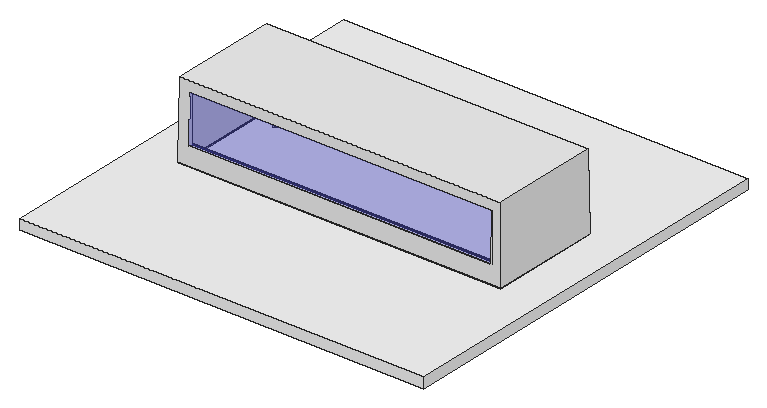
Revit family "BE_50147.1_de_DE", category Leuchten, Revit 2020
Family settings
  Basisbauteil = Fläche
  Bemaßung runder Anschluss = Durchmesser verwenden
  Teiletyp = Normal
  Beim Laden mit Abzugskörper schneiden = Ja
  Lichtquelle = Ja
  Gemeinsam genutzt = Nein
  Raumberechnungspunkt = Ja
Parameters (values of type "BEGA_50147.1_K3")
  built-in parameter 1150104 = 11.669 (stored number, unit not read)
  Wattage = 33.6 W
  Default Elevation = 0 mm
  built-in parameter 1150113 = 1 (stored number, unit not read)
  built-in parameter 1114218 = 1 (stored number, unit not read)
  Umgebungstemperatur = "25 °C"
  URL = "https://www.bega.com/de/produkt/50147.1"
  Typenkommentare = "© 2022 BEGA. Wir behalten uns das Recht vor, technische Änderungen ohne vorherige Ankündigung vorzunehmen."  # constant formula
  built-in parameter 1150134 = (empty or 0)
  built-in parameter 1150109 = 1 (stored number, unit not read)
  Strom = ""
  built-in parameter 1150110 = 1 (stored number, unit not read)
  Spannung = 239.996 V
  Sonderanfertigung = no
  Seriennummer [instance] = "Hier können Sie die eindeutige Seriennummer für das Facility Management eintragen."
  Schutzklasse = "I"
  Schutzart = "IP 20"
  Scheinlast = 0 VA
  Produktdatenblatt = "https://cdn.bega.com/bega/products/50147.1K3/current/documents/data-sheets/de"
  Oberflächentemperatur = ""
  Neigungswinkel = 0.00°
  Modell = "50147.1K3"
  Material_17 = BEGA_Reflektor
  Material_15 = BEGA_Leuchtmedium_matt
  Material_11 = BEGA_Glas_opal
  Material_09 = BEGA_Glas_klar
  Material_08 = BEGA_Oberfläche_Stahl_verzinkt
  Material_06 = BEGA_Oberfläche_Edelstahl_gebürstet
  Material_05 = BEGA_Oberfläche_Aluminium Guss
  Material_03 = BEGA_Oberfläche_Weiss_matt
  Material_02 = BEGA_Oberfläche_Silber_matt
  Material_01 [instance] = BEGA_Oberfläche_Grafit_matt
  M_W = no
  M_G = no
  M_A = no
  Logo = 0
  built-in parameter 1114217 = 1 (stored number, unit not read)
  built-in parameter 1150139 = (empty or 0)
  built-in parameter 1150105 = 335.83 (stored number, unit not read)
  built-in parameter 1150114 = 1 (stored number, unit not read)
  Lumens = 4220.16 lm
  built-in parameter 1150115 = 1 (stored number, unit not read)
  Leuchtenlichtstrom = "3845 lm"
  Leuchtenanzahl = ""
  Lebensdauerkriterien = "L70B50 @ 25 °C = 200000 h"
  Lastklassifizierung = Beleuchtung
  built-in parameter 1150112 = 1 (stored number, unit not read)
  Lampenlichtstrom = "4830 lm"
  Lampe = "LED 32.8 W"
  LED_Modulbezeichnung = "2x LED-0695/930"
  Hersteller = "BEGA"  # constant formula
  Halbstreuwinkel = ""
  Gewicht = "2.5 kg"
  Gebrauchslageneinschränkung [instance] = ""
  Frequenz = "0/50-60 Hz"
  Farbwiedergabeindex = "CRI > 90"
  Farbtemperaturverschiebung bei Dämpfen der Lampe = <Keine Auswahl>
  Farbtemperatur = "3000 K"
  Color Filter = 16777215
  built-in parameter 1150133 = 10 (stored number, unit not read)
  Energieeffizienzklasse = "LED A++ - A"
  built-in parameter 1150137 = (empty or 0)
  built-in parameter 1150132 = (empty or 0)
  ENEC = "ja"
  Dimmbar [instance] = "DALI"
  Datei für fotometrisches Netz = "BE_50147.1K3.IES"
  CE_Konformität = "ja"
  Bestellnummer = "50147.1K3"
  Beschreibung_Sonderanfertigung = "Hier können Sie Informationen zur Sonderanfertigung eintragen."
  Beschreibung = "Wandfluter"
  built-in parameter 1150106 = 3.3583 (stored number, unit not read)
  Befestigungsbohrung = "Ø 4,8 mm"
  Befestigungsabstand = "265 x 65 mm"
  Ballwurfsicher = ""
  BEGA_Intern_aus = yes
  BEGA_Intern_an = yes
  BEGA_Intern_Konstruktion = yes
  BEGA_Intern = yes
  BEGA_IES = yes
  BEGA_Dummy = no
  Anschlussleitung = ""
  Anschlussleistung [instance] = "37 W"
  Anschlusskasten = ""
  built-in parameter 1150107 = 3000 (stored number, unit not read)
  built-in parameter 1150102 = (empty or 0)
  built-in parameter 1150138 = (empty or 0)
  Aktualisierung = "2022-05-18T04:00:07"
  Abstand_zur_angestrahlten_Fläche [instance] = ""
  AC/DC = "AC/DC"
Types (2, lengths in mm): name | built-in parameter 1150104 | built-in parameter 1150134 | Modell | built-in parameter 1150105 | Lumens | Leuchtenlichtstrom | Lampenlichtstrom | LED_Modulbezeichnung | Farbtemperatur | Datei für fotometrisches Netz | Bestellnummer | built-in parameter 1150106 | built-in parameter 1150107
  BEGA_50147.1_K4 | 12.087 (stored number, unit not read) | 12 | "50147.1K4" | 347.86 (stored number, unit not read) | 4371.36 lm | "3990 lm" | "5020 lm" | "2x LED-0695/940" | "4000 K" | "BE_50147.1K4.IES" | "50147.1K4" | 3.4786 (stored number, unit not read) | 4000 (stored number, unit not read)
  BEGA_50147.1_K3 | 11.669 (stored number, unit not read) | (empty or 0) | "50147.1K3" | 335.83 (stored number, unit not read) | 4220.16 lm | "3845 lm" | "4830 lm" | "2x LED-0695/930" | "3000 K" | "BE_50147.1K3.IES" | "50147.1K3" | 3.3583 (stored number, unit not read) | 3000 (stored number, unit not read)
Reference planes
  plane 1 "Mitte (Vorne/Hinten)": y = 0
  plane 2: z = 0
  plane 3 "Mitte (Links/Rechts)": x = 0
  plane 4 "Links": x = -160
  plane 5 "Rechts": x = 160
  plane 6 "Unten": y = -55
  plane 7 "Oben": y = 55
  plane 8 "Vorne": z = 76
  plane 9 "Hinten": z = 0
Forms (mm)
  Extrusion 1, solid, material "BEGA_Platte_Weiss"
    sketch origin (0, -1119.2, 0) x (1, 0, 0) y (0, 1, 0)
      loop
        line (-200, 1319.2) -> (-200, 919.2) -> (200, 919.2) -> (200, 1319.2) -> (-200, 1319.2)
    from 0 to -10
  Extrusion 2, solid, material "BEGA_Dummy_matt", visible <- "BEGA_Dummy"
    sketch origin (80.095, -76.023, 0) x (1, 0, 0) y (0, 1, 0)
      loop
        line (-240.095, 131.023) -> (-240.095, 21.023) -> (79.905, 21.023) -> (79.905, 131.023) -> (-240.095, 131.023)
    from 0 to 76
Dimensions and locks
  plane 1 "Mitte (Vorne/Hinten)" to Extrusion 1 = 200 mm
  aligned and locked: plane 2 to Extrusion 1
  aligned and locked: level to Extrusion 1
Nested families
  nested 1: "BE_50147.1" at (0, 0, 0), type "BE_50147.1"
Connectors
  electrical at (0, 0, 0), driven by "Lastklassifizierung", driven by "Spannung", driven by "Scheinlast"
    settings: index 1, voltage 239.996 V, apparent load 0 VA, apparent load phase1 0 VA, apparent load phase2 0 VA, apparent load phase3 0 VA, power factor 1, load classification "Beleuchtung", number of poles 1, system type 31, power factor state 1, is connector primary yes, connector utility no, sub classification motor no, connector description ""
Definition of nested family "BE_50147.1"
  Parameters (values of type "BE_50147.1")
    Default Elevation = 1 mm
    URL = "http://www.bega.de/de/produkt"
    Type Comments = "© 2015 BEGA. Wir behalten uns das Recht vor, technische Änderungen ohne vorherige Ankündigung vorzunehmen. "  # constant formula
    Type Image = (empty or 0)
    Neigungswinkel_um_Z2 = 0.00°
    Neigungswinkel_um_Z1 = 0.00°
    Neigungswinkel_um_Y2 = 0.00°
    Neigungswinkel_um_Y1 = 0.00°
    Neigungswinkel_um_X2 = 0.00°
    Neigungswinkel_um_X1 = 0.00°
    Material_17 = none
    Material_15 = none
    Material_11 = none
    Material_09 = none
    Material_08 = none
    Material_06 = none
    Material_05 = none
    Material_03 = none
    Material_02 = none
    Material_01 = none
    M_W = yes
    M_G = yes
    M_A = yes
    Länge_Platte = 400 mm  # constant formula
    Höhe_Platte = -10 mm  # constant formula
    Manufacturer = "BEGA"  # constant formula
    Drehwinkel_um_Z2 = 0.00°
    Drehwinkel_um_Z1 = 0.00°
    Breite_Platte = 200 mm  # constant formula
  Reference planes
    plane 1 "Mitte (Oben/Unten)": y = 0
    plane 2: z = 0
    plane 3 "Mitte (Links/Rechts)": x = 0
    plane 4: z = 76
    plane 5: y = 55
    plane 6: y = -55
    plane 7: x = -160
    plane 8: z = 76
    plane 9: x = 160
  Forms (mm)
    Extrusion 1, solid, detail levels medium
      sketch origin (0, 0, 0) x (1, 0, 0) y (0, 1, 0)
        loop
          line (-200, 100) -> (-200, -100) -> (200, -100) -> (200, 100) -> (-200, 100)
      from 0 to -10 <- "Höhe_Platte"
    Extrusion 2, solid, material <- "Material_03", detail levels medium+fine
      sketch origin (0, 0, 0) x (1, 0, 0) y (0, 0, 1)
        loop
          line (-160, 1) -> (-156, 1) -> (-153.661, 68) -> (153.661, 68) -> (156, 1) -> (160, 1) -> (158.691, 76) -> (-158.691, 76) -> (-160, 1)
      from -55 to 55
    Extrusion 3, solid, material <- "Material_03", detail levels medium+fine
      sketch origin (0, 0, 0) x (1, 0, 0) y (0, 0, 1)
        loop
          line (158.691, 76) -> (-158.691, 76) -> (-160, 1) -> (160, 1) -> (158.691, 76)
      from -55 to -50.695
    Extrusion 4, solid, material <- "Material_03", detail levels medium+fine
      sketch origin (0, 0, 0) x (1, 0, 0) y (0, 0, -1)
        loop
          line (158.691, -76) -> (160, -1) -> (-160, -1) -> (-158.691, -76) -> (158.691, -76)
      from -55 to -50.695
    Extrusion 5, void
      sketch origin (0, 0, 0) x (0, 1, 0) y (0, 0, 1)
        loop
          line (55, 1) -> (55.86, 1.015) -> (55.86, 78.41) -> (53.649, 78.41) -> (55, 1)
        loop
          line (-55, 1) -> (-53.649, 78.41) -> (-55.86, 78.41) -> (-55.86, 1.015) -> (-55, 1)
      from -163.845 to 169.172
    Sweep 6, solid, material <- "Material_03", detail levels medium+fine
      path origin (0, 0, 0) x (1, 0, 0) y (0, 1, 0)
        loop
          line (-160, 55) -> (-160, -55) -> (160, -55) -> (160, 55) -> (-160, 55)
      profile origin (-160, 0, 0) x (1, 0, 0) y (0, 0, 1)
        loop
          line (0.5, 1) -> (0.5, 0) -> (2.572, 0)
          arc (2.572, 0) -> (3.337, 0.152) -> (3.986, 0.586) r 2
          line (3.986, 0.586) -> (5.107, 1.707)
          arc (5.107, 1.707) -> (5.432, 1.924) -> (5.814, 2) r 1
          line (5.814, 2) -> (11.938, 2) -> (11.938, 3) -> (5.814, 3)
          arc (5.814, 3) -> (5.049, 2.848) -> (4.4, 2.414) r 2
          line (4.4, 2.414) -> (3.279, 1.293)
          arc (3.279, 1.293) -> (2.954, 1.076) -> (2.572, 1) r 1
          line (2.572, 1) -> (0.5, 1)
    Extrusion 7, solid, material <- "Material_03", detail levels medium+fine
      sketch origin (0, 0, 0) x (1, 0, 0) y (0, 1, 0)
        loop
          line (-149.215, 43.062) -> (-149.215, -43.062) -> (149.632, -43.062) -> (149.632, 43.062) -> (-149.215, 43.062)
      from 2 to 3
    Extrusion 8, void
      sketch origin (0, 0, 0) x (0, 1, 0) y (0, 0, 1)
        loop
          line (47.599, 66.082) -> (47.599, 18) -> (55.612, 18) -> (55.612, 66.082) -> (47.599, 66.082)
        loop
          line (-47.599, 66.082) -> (-55.612, 66.082) -> (-55.612, 18) -> (-47.599, 18) -> (-47.599, 66.082)
      from -149.215 to 149.632
    Extrusion 9, solid, material <- "Material_11", detail levels medium+fine
      sketch origin (0, 0, 0) x (0, -1, 0) y (0, 0, -1)
        loop
          line (54.603, -18.077) -> (50.203, -18) -> (49.366, -65.992) -> (53.765, -66.069) -> (54.603, -18.077)
      from -149.215 to 151.256
    Extrusion 10, solid, material <- "Material_11", detail levels medium+fine
      sketch origin (0, 0, 0) x (0, -1, 0) y (0, 0, -1)
        loop
          line (49.339, -67.492) -> (50.229, -16.5) -> (46.63, -16.437) -> (45.74, -67.429) -> (49.339, -67.492)
      from -153.522 to 153.147
    Extrusion 11, void
      sketch origin (0, 0, 0) x (1, 0, 0) y (0, 1, 0)
        loop
          circle (-132.5, 32.5) r 2.4
        loop
          circle (132.5, -32.5) r 2.4
        loop
          circle (130, -10) r 8.5
        loop
          circle (130, 10) r 8.5
      from 0 to 8
    Revolve 12, solid, material <- "Material_06", detail levels fine
      sketch origin (-145, 0, 0) x (0, 1, 0) y (0, 0, -1)
        loop
          line (56, -9) -> (53.425, -9) -> (53.425, -11) -> (56, -11) -> (56, -9)
        axis (56, -9) -> (53.425, -9)
      angle from 0 to 360
    Extrusion 13, solid, material <- "Material_11", detail levels medium+fine
      sketch origin (0, 0, 0) x (0, 1, 0) y (0, 0, 1)
        loop
          line (54.603, 18.077) -> (53.765, 66.069) -> (49.366, 65.992) -> (50.203, 18) -> (54.603, 18.077)
      from -149.215 to 151.256
    Extrusion 14, solid, material <- "Material_11", detail levels medium+fine
      sketch origin (0, 0, 0) x (0, 1, 0) y (0, 0, 1)
        loop
          line (49.339, 67.492) -> (45.74, 67.429) -> (46.63, 16.437) -> (50.229, 16.5) -> (49.339, 67.492)
      from -153.522 to 153.147
    Revolve 15, solid, material <- "Material_06", detail levels fine
      sketch origin (145, 0, 0) x (0, 1, 0) y (0, 0, 1)
        loop
          line (56, 9) -> (56, 11) -> (53.425, 11) -> (53.425, 9) -> (56, 9)
        axis (56, 9) -> (53.425, 9)
      angle from 0 to 360
  Cuts and joins
    Extrusion 5, Extrusion 8 cuts Extrusion 2
    Extrusion 5, Extrusion 8 cuts Extrusion 3
    Extrusion 5, Extrusion 8 cuts Extrusion 4
    joined: Extrusion 2, Extrusion 3, Extrusion 4
    Extrusion 11 cuts Sweep 6
    Extrusion 11 cuts Extrusion 7
    joined: Sweep 6, Extrusion 7
    joined: Extrusion 9, Extrusion 10
    joined: Extrusion 13, Extrusion 14
  Dimensions and locks
    equal spacing: Extrusion 1 sketch curve, plane 3 "Mitte (Links/Rechts)", Extrusion 1 sketch curve
    equal spacing: Extrusion 1 sketch curve, plane 1 "Mitte (Oben/Unten)", Extrusion 1 sketch curve
    "Länge_Platte": Extrusion 1 sketch curve to Extrusion 1 sketch curve
    "Breite_Platte": Extrusion 1 sketch curve to Extrusion 1 sketch curve
    aligned and locked: plane 2 to Extrusion 1
    aligned and locked: level to Extrusion 1
  Automatic sketch dimensions
    plane 7 to Extrusion 2 sketch curve = 0 mm
    Extrusion 2 sketch curve to plane 4 = 0 mm
    Extrusion 2 sketch curve to plane 7 = 1.309 mm
    level to Extrusion 2 sketch curve = 1 mm  (x2)
    Extrusion 2 sketch curve to plane 7 = 4 mm
    Extrusion 2 sketch curve to plane 7 = 6.339 mm
    Extrusion 2 sketch curve to plane 9 = 6.339 mm
    Extrusion 2 sketch curve to plane 9 = 4 mm
    Extrusion 2 sketch curve to plane 9 = 1.309 mm
    plane 9 to Extrusion 2 sketch curve = 0 mm
    plane 4 to Extrusion 2 sketch curve = 8 mm
    plane 7 to Extrusion 3 sketch curve = 0 mm
    Extrusion 3 sketch curve to plane 4 = 0 mm
    Extrusion 3 sketch curve to plane 7 = 1.309 mm
    Extrusion 3 sketch curve to plane 9 = 1.309 mm
    plane 9 to Extrusion 3 sketch curve = 0 mm
    level to Extrusion 3 sketch curve = 1 mm
    plane 7 to Extrusion 4 sketch curve = 0 mm
    Extrusion 4 sketch curve to plane 4 = 0 mm
    Extrusion 4 sketch curve to plane 7 = 1.309 mm
    Extrusion 4 sketch curve to plane 9 = 1.309 mm
    plane 9 to Extrusion 4 sketch curve = 0 mm
    level to Extrusion 4 sketch curve = 1 mm
    Extrusion 5 sketch curve to plane 6 = 0 mm
    Extrusion 5 sketch curve to plane 5 = 0 mm
    plane 6 to Extrusion 5 sketch curve = 0.86 mm
    Extrusion 5 sketch curve to plane 6 = 1.351 mm
    Extrusion 5 sketch curve to plane 5 = 1.351 mm
    plane 5 to Extrusion 5 sketch curve = 0.86 mm
    level to Extrusion 5 sketch curve = 1 mm  (x2)
    Extrusion 5 sketch curve to Extrusion 5 sketch curve = 0.015 mm  (x2)
    Sweep 6 sketch curve to Sweep 6 sketch curve = 0 mm  (x9)
    Sweep 6 sketch curve to level = 0 mm
    Sweep 6 sketch curve to profile plane = 0.5 mm
    Sweep 6 sketch curve to Sweep 6 sketch curve = 2.072 mm
    level to Sweep 6 sketch curve = 1 mm
    Sweep 6 sketch curve to Sweep 6 sketch curve = 3.243 mm
    level to Sweep 6 sketch curve = 2 mm
    Sweep 6 sketch curve to Sweep 6 sketch curve = 6.124 mm
    Sweep 6 sketch curve to Sweep 6 sketch curve = 1 mm  (x3)
    level to Sweep 6 sketch curve = 1.293 mm
    Sweep 6 sketch curve to Sweep 6 sketch curve = 0.707 mm  (x3)
    level to Sweep 6 sketch curve = 0.586 mm
    Sweep 6 sketch curve to Sweep 6 sketch curve = 1.414 mm
    level to Sweep 6 sketch curve = 1.707 mm
    Extrusion 7 sketch curve to plane 6 = 11.938 mm
    Extrusion 7 sketch curve to plane 7 = 10.785 mm
    Extrusion 7 sketch curve to plane 9 = 10.368 mm
    Extrusion 7 sketch curve to plane 5 = 11.938 mm
    plane 6 to Extrusion 8 sketch curve = 0.612 mm
    Extrusion 8 sketch curve to plane 6 = 7.401 mm
    Extrusion 8 sketch curve to plane 5 = 7.401 mm
    plane 5 to Extrusion 8 sketch curve = 0.612 mm
    level to Extrusion 8 sketch curve = 18 mm  (x2)
    plane 4 to Extrusion 8 sketch curve = 9.918 mm  (x2)
    plane 6 to Extrusion 9 sketch curve = 5.634 mm
    plane 6 to Extrusion 9 sketch curve = 4.797 mm
    plane 6 to Extrusion 9 sketch curve = 1.235 mm
    plane 6 to Extrusion 9 sketch curve = 0.397 mm
    Extrusion 9 sketch curve to level = 18 mm
    Extrusion 9 sketch curve to Extrusion 9 sketch curve = 0.077 mm  (x2)
    Extrusion 9 sketch curve to plane 4 = 10.008 mm
    plane 6 to Extrusion 10 sketch curve = 9.26 mm
    plane 6 to Extrusion 10 sketch curve = 8.37 mm
    Extrusion 10 sketch curve to Extrusion 10 sketch curve = 3.599 mm  (x2)
    Extrusion 10 sketch curve to level = 16.437 mm
    Extrusion 10 sketch curve to Extrusion 10 sketch curve = 0.063 mm  (x2)
    Extrusion 10 sketch curve to plane 4 = 8.571 mm
    Revolve 12 sketch curve to plane 5 = 1.575 mm
    plane 5 to Revolve 12 sketch curve = 1 mm
    level to Revolve 12 sketch curve = 11 mm
    Revolve 12 sketch curve to Revolve 12 sketch curve = 2 mm  (x2)
    Revolve 12 sketch curve to Revolve 12 sketch curve = 0.595 mm
    Revolve 12 sketch curve to Revolve 12 sketch curve = 0 mm
    Extrusion 13 sketch curve to plane 5 = 5.634 mm
    Extrusion 13 sketch curve to plane 5 = 4.797 mm
    Extrusion 13 sketch curve to plane 5 = 1.235 mm
    Extrusion 13 sketch curve to plane 5 = 0.397 mm
    level to Extrusion 13 sketch curve = 18 mm
    Extrusion 13 sketch curve to Extrusion 13 sketch curve = 0.077 mm  (x2)
    plane 4 to Extrusion 13 sketch curve = 10.008 mm
    Extrusion 14 sketch curve to plane 5 = 9.26 mm
    Extrusion 14 sketch curve to plane 5 = 8.37 mm
    Extrusion 14 sketch curve to Extrusion 14 sketch curve = 3.599 mm  (x2)
    level to Extrusion 14 sketch curve = 16.437 mm
    Extrusion 14 sketch curve to Extrusion 14 sketch curve = 0.063 mm  (x2)
    plane 4 to Extrusion 14 sketch curve = 8.571 mm
    Revolve 15 sketch curve to plane 5 = 1.575 mm
    plane 5 to Revolve 15 sketch curve = 1 mm
    level to Revolve 15 sketch curve = 9 mm
    Revolve 15 sketch curve to Revolve 15 sketch curve = 2 mm  (x2)
    Revolve 15 sketch curve to Revolve 15 sketch curve = 0.595 mm
    Revolve 15 sketch curve to Revolve 15 sketch curve = 0 mm
    Extrusion 11 sketch curve to plane 7 = 27.5 mm
    plane 1 "Mitte (Oben/Unten)" to Extrusion 11 sketch curve = 10 mm
    Extrusion 11 sketch curve to plane 9 = 30 mm
    Extrusion 11 sketch curve to plane 1 "Mitte (Oben/Unten)" = 10 mm
    Extrusion 11 sketch curve to Extrusion 11 sketch curve = 0 mm
    Extrusion 11 sketch curve to Extrusion 11 sketch curve = 2.5 mm
    Extrusion 11 sketch curve to plane 6 = 22.5 mm
    Extrusion 11 sketch curve to plane 5 = 22.5 mm
    Sweep 6 sketch curve to plane 6 = 0 mm
    Sweep 6 sketch curve to plane 7 = 0 mm
    Sweep 6 sketch curve to plane 9 = 0 mm
    plane 5 to Sweep 6 sketch curve = 0 mm
    radius of Extrusion 11 sketch curve = 2.4 mm  (x2)
    radius of Extrusion 11 sketch curve = 8.5 mm  (x2)
